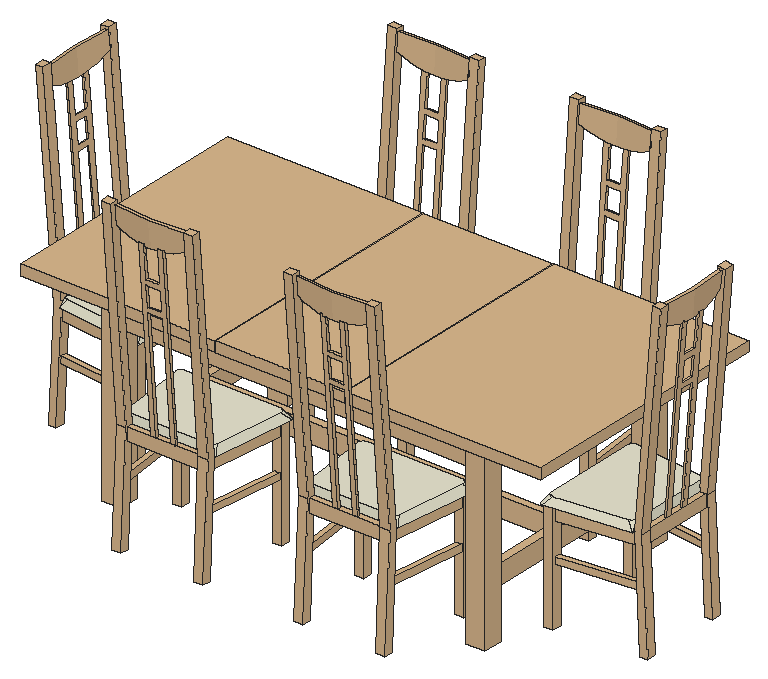
Revit family
Parameters (values of type "Table w 6 Seats")
  Width = 1000 mm
  Vis - End Chairs = yes
  Table Top Thickness = 40 mm
  Table Height = 750 mm
  Material Table = Wood - Birch
  Material Chair Structure = Wood - Birch
  Material Chair Covering = Fabric - Beige
  Length = 2000 mm
  Leg Width = 75 mm
  Leg Spacing Width = 800 mm
  Leg Spacing Length = 1400 mm
  Keynote = "N"
  Chair Side Spacing = Leg Spacing Length / 2  # 700 mm
  Centre Piece = Length / 4  # 500 mm
  Assembly Code = ""
Types (2, lengths in mm): name | Vis - End Chairs
  Table w 4 Seats | no
  Table w 6 Seats | yes
Reference planes
  plane 1 "Center (Front/Back)": y = 44.355
  plane 2: z = 0
  plane 3 "Center (Left/Right)": x = 118.179
  plane 4: z = 750
  plane 5: x = -881.821
  plane 6: x = 1118.179
  plane 7: y = 544.355
  plane 8: y = -455.645
  plane 9: x = -581.821
  plane 10: x = 818.179
  plane 11: y = 444.355
  plane 12: y = -355.645
  plane 13: z = 750
  plane 14: z = 250
  plane 15: x = -131.821
  plane 16: x = 368.179
  plane 17: x = -231.821
  plane 18: x = 468.179
Forms (mm)
  Extrusion 1, solid, material "Wood - Birch" <- "Material Table"
    sketch origin (-625.421, 0, 750) x (-1, 0, 0) y (0, -1, 0)
      loop
        line (256.4, 455.645) -> (-1743.6, 455.645) -> (-1743.6, -544.355) -> (256.4, -544.355) -> (256.4, 455.645)
    from 0 to -40
  Extrusion 2, solid, material "Wood - Birch" <- "Material Table"
    sketch origin (0, 0, 0) x (1, 0, 0) y (0, 1, 0)
      loop
        line (-619.321, -393.145) -> (-544.321, -393.145) -> (-544.321, -318.145) -> (-619.321, -318.145) -> (-619.321, -393.145)
      loop
        line (855.679, 481.855) -> (780.679, 481.855) -> (780.679, 406.855) -> (855.679, 406.855) -> (855.679, 481.855)
      loop
        line (855.679, -318.145) -> (780.679, -318.145) -> (780.679, -393.145) -> (855.679, -393.145) -> (855.679, -318.145)
      loop
        line (-619.321, 481.855) -> (-619.321, 406.855) -> (-544.321, 406.855) -> (-544.321, 481.855) -> (-619.321, 481.855)
    from 0 to 710
  Extrusion 3, solid, material "Wood - Birch" <- "Material Table"
    sketch origin (0, 0, 0) x (1, 0, 0) y (0, 1, 0)
      loop
        line (-596.821, -318.145) -> (-566.821, -318.145) -> (-566.821, 29.355) -> (803.179, 29.355) -> (803.179, -318.145) -> (833.179, -318.145) -> (833.179, 406.855) -> (803.179, 406.855) -> (803.179, 59.355) -> (-566.821, 59.355) -> (-566.821, 406.855) -> (-596.821, 406.855) -> (-596.821, -318.145)
    from 250 to 175
  Extrusion 4, solid, material "Wood - Birch" <- "Material Table"
    sketch origin (0, 0, 0) x (1, 0, 0) y (0, 1, 0)
      loop
        line (780.679, 474.355) -> (-544.321, 474.355) -> (-544.321, 454.355) -> (780.679, 454.355) -> (780.679, 474.355)
      loop
        line (-611.821, 406.855) -> (-611.821, -318.145) -> (-591.821, -318.145) -> (-591.821, 406.855) -> (-611.821, 406.855)
      loop
        line (-544.321, -385.645) -> (780.679, -385.645) -> (780.679, -365.645) -> (-544.321, -365.645) -> (-544.321, -385.645)
      loop
        line (848.179, -318.145) -> (848.179, 406.855) -> (828.179, 406.855) -> (828.179, -318.145) -> (848.179, -318.145)
    from 610 to 710
  Sweep 5, void
    path origin (-131.821, 594.378, 1200) x (0, 1, 0) y (0, 0, 1)
      loop
        line (-50.023, -490) -> (-50.023, -450) -> (-1050.023, -450) -> (-1050.023, -490)
    profile origin (-131.821, 44.355, 750) x (0, 0, -1) y (1, 0, 0)
      loop
        line (0, 1.5) -> (0, -1.5) -> (1.5, 0) -> (0, 1.5)
      loop
        line (0, 501.5) -> (0, 498.5) -> (1.5, 500) -> (0, 501.5)
Cuts and joins
  Sweep 5 cuts Extrusion 1
  Sweep 5 cuts Extrusion 2
  Sweep 5 cuts Extrusion 3
  Sweep 5 cuts Extrusion 4
Dimensions and locks
  equal spacing: plane 7, plane 1 "Center (Front/Back)", plane 8
  "Width": plane 7 to plane 8
  equal spacing: plane 5, plane 3 "Center (Left/Right)", plane 6
  "Length": plane 5 to plane 6
  equal spacing: plane 11, plane 1 "Center (Front/Back)", plane 12
  "Leg Spacing Width": plane 11 to plane 12
  equal spacing: plane 9, plane 3 "Center (Left/Right)", plane 10
  "Leg Spacing Length": plane 9 to plane 10
  "Table Height": plane 13 to plane 2
  equal spacing: Extrusion 2 sketch curve, plane 9, Extrusion 2 sketch curve
  equal spacing: Extrusion 2 sketch curve, plane 12, Extrusion 2 sketch curve
  "Leg Width": Extrusion 2 sketch curve to Extrusion 2 sketch curve  (x4)
  equal spacing: Extrusion 2 sketch curve, plane 10, Extrusion 2 sketch curve
  equal spacing: Extrusion 2 sketch curve, plane 11, Extrusion 2 sketch curve
  equal spacing: Extrusion 3 sketch curve, plane 9, Extrusion 3 sketch curve
  Extrusion 3 sketch curve to Extrusion 3 sketch curve = 30 mm  (x3)
  equal spacing: Extrusion 3 sketch curve, plane 1 "Center (Front/Back)", Extrusion 3 sketch curve
  equal spacing: Extrusion 3 sketch curve, plane 10, Extrusion 3 sketch curve
  equal spacing: plane 15, plane 3 "Center (Left/Right)", plane 16
  "Centre Piece": plane 15 to plane 16
  equal spacing: Sweep 5 sketch curve, plane 16, Sweep 5 sketch curve
  locked: cut or joined group of Extrusion 1, Sweep 5 to Sweep 5 sketch curve at 1.5  (x2)
  equal spacing: Sweep 5 sketch curve, plane 15, Sweep 5 sketch curve
  "Table Top Thickness": plane 13 to cut or joined group of Extrusion 1, Sweep 5
  locked: cut or joined group of Extrusion 4, Sweep 5 to cut or joined group of Extrusion 1, Sweep 5 at 100
  locked: plane 14 to cut or joined group of Extrusion 3, Sweep 5 at 75
  locked: nested 2 to plane 5 at 117
  locked: plane 6 to nested 3 at 117
  locked: plane 7 to nested 4 at 117
  locked: nested 1 to plane 7 at 117
  locked: nested 5 to plane 8 at 117
  locked: nested 6 to plane 8 at 117
  equal spacing: plane 17, plane 3 "Center (Left/Right)", plane 18
  "Chair Side Spacing": plane 17 to plane 18
  aligned and locked: plane 13 to plane 4
  aligned and locked: Extrusion 2 sketch curve to Extrusion 2 sketch curve  (x8)
  aligned and locked: Extrusion 2 to Extrusion 1
  aligned and locked: Extrusion 3 sketch curve to Extrusion 3 sketch curve  (x2)
  aligned and locked: plane 14 to Extrusion 3
  aligned and locked: Extrusion 2 to Extrusion 4 sketch curve  (x8)
  aligned and locked: Extrusion 4 to Extrusion 1
  aligned and locked: Sweep 5 sketch curve to cut or joined group of Extrusion 1, Sweep 5  (x3)
  aligned and locked: cut or joined group of Extrusion 1, Sweep 5 to Sweep 5 sketch curve  (x2)
  aligned and locked: plane 17 to nested 1
  aligned and locked: nested 5 to plane 17
  aligned and locked: plane 18 to nested 4
  aligned and locked: nested 6 to plane 18
  aligned and locked: nested 2 to plane 1 "Center (Front/Back)"
  aligned and locked: plane 1 "Center (Front/Back)" to nested 3
Automatic sketch dimensions
  Extrusion 1 sketch curve to plane 6 = 0 mm
  Extrusion 1 sketch curve to plane 5 = 0 mm
  Extrusion 1 sketch curve to plane 7 = 0 mm
  Extrusion 1 sketch curve to plane 8 = 0 mm
  plane 12 to Extrusion 3 sketch curve = 37.5 mm  (x2)
  Extrusion 3 sketch curve to plane 11 = 37.5 mm  (x2)
  Extrusion 4 sketch curve to Extrusion 4 sketch curve = 20 mm  (x4)
  plane 10 to Extrusion 4 sketch curve = 10 mm
  Extrusion 4 sketch curve to plane 12 = 10 mm
  Extrusion 4 sketch curve to plane 9 = 10 mm
  plane 11 to Extrusion 4 sketch curve = 10 mm
  Sweep 5 sketch curve to profile plane = 0 mm  (x2)
  Sweep 5 sketch curve to plane 15 = 0 mm
  Sweep 5 sketch curve to Sweep 5 sketch curve = 1.5 mm
Nested families
  nested 1: "UK_Mdrn Dining Chair" at (-231.821, 544.355, 0), type "UK_Mdrn Dining Chair"
  nested 2: "UK_Mdrn Dining Chair" at (-881.821, 44.355, 0) x (0, 1, 0) z (0, 0, 1), visible <- "Vis - End Chairs", type "UK_Mdrn Dining Chair"
  nested 3: "UK_Mdrn Dining Chair" at (1118.179, 44.355, 0) x (0, -1, 0) z (0, 0, 1), visible <- "Vis - End Chairs", type "UK_Mdrn Dining Chair"
  nested 4: "UK_Mdrn Dining Chair" at (468.179, 544.355, 0) x (-1, 0, 0) z (0, 0, 1), type "UK_Mdrn Dining Chair"
  nested 5: "UK_Mdrn Dining Chair" at (-231.821, -455.645, 0), type "UK_Mdrn Dining Chair"
  nested 6: "UK_Mdrn Dining Chair" at (468.179, -455.645, 0) x (-1, 0, 0) z (0, 0, 1), type "UK_Mdrn Dining Chair"
Definition of nested family "UK_Mdrn Dining Chair"
  Parameters (values of type "UK_Mdrn Dining Chair")
    Material Structure = Wood - Birch
    Material Chair Covering = Fabric - Beige
    Assembly Code = ""
  Reference planes
    plane 1 "Center (Front/Back)": y = 0
    plane 2: z = 0
    plane 3 "Center (Left/Right)": x = 0
    plane 4: x = -192.5
    plane 5: x = 192.5
    plane 6: y = 117
    plane 7: y = -200
    plane 8: z = 425
    plane 9: z = 1225
    plane 10: z = 250
    plane 11: x = -157.5
    plane 12: x = 157.5
    plane 13: through (-192.5, -182.5, 1200) normal (-0.9935, 0.1142, 0)
    plane 14: through (-192.5, -182.5, 1200) normal (-0.9935, 0.1142, 0)
    plane 15: z = 1122.124
    plane 16: z = 1215
  Forms (mm)
    Extrusion 1, solid, material "Wood - Birch"
      sketch origin (0, 0, 0) x (1, 0, 0) y (0, 1, 0)
        loop
          line (-210, -217.5) -> (-175, -217.5) -> (-175, -182.5) -> (-210, -182.5) -> (-210, -217.5)
        loop
          line (210, -217.5) -> (210, -182.5) -> (175, -182.5) -> (175, -217.5) -> (210, -217.5)
      from 0 to 425
    Sweep 2, solid, material "Wood - Birch"
      path origin (-157.5, 175.942, 1200) x (0, 1, 0) y (0, 0, 1)
        loop
          line (-38.942, -1200) -> (-58.942, -775) -> (11.048, 25)
      profile origin (-157.5, 117, 425) x (0, -0.998895, -0.047007) y (1, 0, 0)
        loop
          line (15, -17.5) -> (15, 17.5) -> (-15, 17.5) -> (-15, -17.5) -> (15, -17.5)
    Sweep 3, solid, material "Wood - Birch"
      path origin (157.5, 175.942, 1200) x (0, 1, 0) y (0, 0, -1)
        loop
          line (-38.942, 1200) -> (-58.942, 775) -> (11.048, -25)
      profile origin (157.5, 117, 425) x (0, 0.998895, 0.047007) y (-1, 0, 0)
        loop
          line (-15, -17.5) -> (15, -17.5) -> (15, 17.5) -> (-15, 17.5) -> (-15, -17.5)
    Extrusion 4, solid, material "Wood - Birch"
      sketch origin (0, 0, 0) x (1, 0, 0) y (0, 1, 0)
        loop
          line (-182.434, -182.5) -> (-147.434, 122.017) -> (-167.566, 122.017) -> (-202.566, -182.5) -> (-182.434, -182.5)
      from 225.45 to 250.45
    Extrusion 5, solid, material "Wood - Birch" <- "Material Structure"
      sketch origin (0, 0, 0) x (1, 0, 0) y (0, 1, 0)
        loop
          line (-169.87, 101.969) -> (-202.566, -182.5) -> (-187.467, -182.5) -> (-154.771, 101.969) -> (-169.87, 101.969)
        loop
          line (-175, -210) -> (175, -210) -> (175, -195) -> (-175, -195) -> (-175, -210)
        loop
          line (-140, 96.447) -> (140, 96.447) -> (140, 126.447) -> (-140, 126.447) -> (-140, 96.447)
        loop
          line (169.87, 101.969) -> (154.771, 101.969) -> (187.467, -182.5) -> (202.566, -182.5) -> (169.87, 101.969)
      from 375 to 425
    Extrusion 6, solid, material "Wood - Birch"
      sketch origin (0, 0, 0) x (0, 1, 0) y (1, 0, 0)
        loop
          line (-182.5, 182.434) -> (122.017, 147.434) -> (122.017, 167.566) -> (-182.5, 202.566) -> (-182.5, 182.434)
      from 225.45 to 250.45
    Blend 7, solid, material "Fabric - Beige" <- "Material Chair Covering"
      base sketch origin (-550.149, 0, 425) x (-1, 0, 0) y (0, -1, 0)
        loop
          arc (-761.483, 225) -> (-768.947, 221.655) -> (-771.417, 213.858) r 10
          line (-771.417, 213.858) -> (-735.117, -101.969) -> (-365.18, -101.969) -> (-328.88, 213.858)
          arc (-328.88, 213.858) -> (-331.35, 221.655) -> (-338.814, 225) r 10
          line (-338.814, 225) -> (-761.483, 225)
      top sketch origin (-550.149, 0, 425) x (-1, 0, 0) y (0, -1, 0)
        loop
          line (-377.608, -78.731) -> (-346.983, 187.716)
          arc (-346.983, 187.716) -> (-351.925, 203.31) -> (-366.852, 210) r 20
          line (-366.852, 210) -> (-733.445, 210)
          arc (-733.445, 210) -> (-748.372, 203.31) -> (-753.314, 187.716) r 20
          line (-753.314, 187.716) -> (-722.689, -78.731)
          arc (-722.689, -78.731) -> (-716.131, -91.375) -> (-702.82, -96.447) r 20
          line (-702.82, -96.447) -> (-397.477, -96.447)
          arc (-397.477, -96.447) -> (-384.167, -91.375) -> (-377.608, -78.731) r 20
      from 0 to 30
    Extrusion 8, solid, material "Wood - Birch" <- "Material Structure"
      sketch origin (175, 101.969, 425.302) x (0, 0.087156, 0.996195) y (-1, 0, 0)
        loop
          line (0.525, 222.5) -> (0.525, 202.5) -> (450.847, 202.5) -> (450.847, 147.5) -> (0.525, 147.5) -> (0.525, 127.5) -> (700.525, 127.5) -> (700.525, 147.5) -> (571.607, 147.5) -> (571.607, 202.5) -> (700.525, 202.5) -> (700.525, 222.5) -> (0.525, 222.5)
        loop
          line (551.607, 147.5) -> (551.607, 202.5) -> (470.847, 202.5) -> (470.847, 147.5) -> (551.607, 147.5)
      from -22.806 to -15.806
    Extrusion 9, solid, material "Wood - Birch"
      sketch origin (40.405, 164.383, 1123.043) x (-1, 0, 0) y (0, -0.996195, 0.087156)
        loop
          arc (180.405, -2.324) -> (40.364, -11.728) -> (-99.595, -1.173) r 987
          line (-99.595, -1.173) -> (-99.595, -13.017)
          arc (-99.595, -13.017) -> (40.405, -22.865) -> (180.405, -13.017) r 1000
          line (180.405, -13.017) -> (180.405, -2.324)
      from -16.887 to 93.085
    Extrusion 10, void
      sketch origin (175, 101.969, 425.302) x (0, -0.087156, -0.996195) y (-1, 0, 0)
        loop
          line (-727.067, 35) -> (-667.067, 35) -> (-667.067, 315) -> (-727.067, 315)
          arc (-727.067, 315) -> (-692.649, 175) -> (-727.067, 35) r 301.947
      from 0 to 26.579
  Cuts and joins
    Extrusion 10 cuts Extrusion 1
    Extrusion 10 cuts Sweep 2
    Extrusion 10 cuts Sweep 3
    Extrusion 10 cuts Extrusion 4
    Extrusion 10 cuts Extrusion 6
    joined: Extrusion 1, Sweep 2, Sweep 3, Extrusion 4, Extrusion 6
    Extrusion 10 cuts Extrusion 5
    joined: Extrusion 5, Extrusion 8
    Extrusion 10 cuts Blend 7
    Extrusion 10 cuts Extrusion 9
  Dimensions and locks
    aligned and locked: plane 8 to Extrusion 1
    aligned and locked: Extrusion 1 to Extrusion 4 sketch curve
    aligned and locked: plane 8 to Extrusion 5
    aligned and locked: cut or joined group of Extrusion 1, Sweep 2, Sweep 3, Extrusion 4, Extrusion 6, Extrusion 10 to Extrusion 9 sketch curve  (x2)
